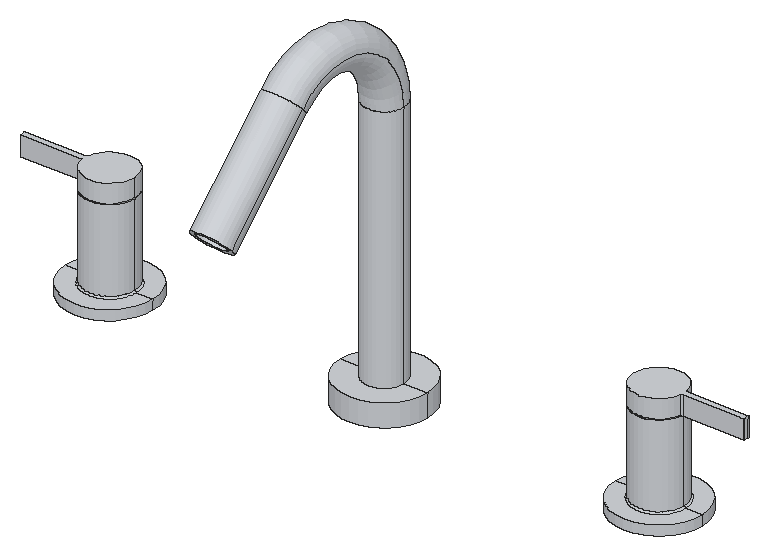
Revit family "Faucet-Deck_Mount-Bath-KOHLER-STILLNESS-K-954T_1", category Plumbing Fixtures, host Face, Revit 2017
Family settings
  Host = Face
  Round Connector Dimension = Use Diameter
  Part Type = Normal
  OmniClass Number = 23.31.11.00
  OmniClass Title = Faucets
  Cut with Voids When Loaded = No
  Shared = No
  Room Calculation Point = No
Parameters (values of type "CP-Polished Chrome")
  Width [instance] = Faucet Hole Spacing  # 17 83/256"
  WaterSense Certified = 1 = 0  # no
  Waste Water Outlet = "Waste Water Outlet"  # constant formula
  Waste Connection = 1 = 0  # no
  Vent Connection = 1 = 0  # no
  URL = "http://www.kohler.com.cn/"
  Type = 1
  Spout Reach = 6 203/256"  # constant formula
  Product Page URL = "https://www.kohler.com.cn/product/K-954T-4-CP/K-954T-4-CP/"
  Product Name = "STILLNESS"  # constant formula
  Product Documentation Link = "https://files.kohler.com.cn/pdfs/1535707749752_1060267-2_C1%20954T.pdf"
  Pressure = 0.00 psi
  Model = "K-954T-4-CP"  # constant formula
  Material = "Premium Metal Construction"  # constant formula
  Master Format 2014 Name = "Residential Faucets, Supplies, and Trim"  # constant formula
  Master Format 2014 = "22 41 39"  # constant formula
  Manufacturer Address = "Kohler Beijing Office (100016) 36-2-03-B, No. 88, Liuxiang Road, Beijing"  # constant formula
  Manufacturer = "KOHLER Co."  # constant formula
  Length = Spout Reach  # 6 203/256"
  Hot Water Inlet = "Hot Water Inlet"  # constant formula
  Height = 11 127/256"  # constant formula
  Handle Clearance = 2 193/256"  # constant formula
  HW Connection = 1 = 1  # yes
  Flow Rate = 0 GPM
  Finish = Kohler-Metal-CP-Polished_Chrome
  Faucet Hole Spacing [instance] = 17 83/256"
  Environmental Product Declaration = ""
  Drain Included = 1 = 0  # no
  Description = "Bathtub Faucet"  # constant formula
  Default Elevation = 36"
  Declare Label = ""
  Date Modified = "03/09/2021"  # constant formula
  Date Created = "03/09/2021"  # constant formula
  Copyright = "Copyright KOHLER Co."  # constant formula
  Contact Us = "http://www.kohler.com.cn/contact/contact-us/"
  Cold Water Inlet = "Cold Water Inlet"  # constant formula
  CW Connection = 1 = 1  # yes
  Assembly Code = "D2010"
  ADA Compliant = 1 = 0  # no
Reference planes (in)
  plane 1 "Center (Front/Back)": y = 0
  plane 2: z = 0
  plane 3 "Center (Left/Right)": x = 0
  plane 4: y = 1.37345
  plane 5: y = -1.37345
  plane 6: y = 0.62508
  plane 7: y = -0.62508
  plane 8: z = 0.71
  plane 9: z = 7.44094
  plane 10: y = -6.79297
  plane 11: z = 11.49609
  plane 12: x = -1.375
  plane 13: x = 1.375
  plane 14: x = -0.62561
  plane 15: x = 0.62508
  plane 16: y = -7.22965
  plane 17: x = -8.66211
  plane 18: x = 8.66211
  plane 19: x = -11.41602
  plane 20: x = -7.87223
  plane 21: x = -10.03573
  plane 22: x = -9.45199
  plane 23: x = -7.28849
  plane 24: z = 0.31
  plane 25: z = 3.54331
  plane 26: x = 11.41602
  plane 27: x = 7.87361
  plane 28: x = 10.03711
  plane 29: x = 9.45061
  plane 30: x = 7.28711
  plane 31: y = 0.7885
  plane 32: y = -0.7885
Dimensions and locks (in)
  "Spout Reach": plane 1 "Center (Front/Back)" to plane 10
  "Height": plane 11 to level
  "Faucet Hole Spacing": plane 17 to plane 18
  "Handle Clearance": plane 19 to plane 17
  "Handle Clearance": plane 18 to plane 26
  equal spacing: plane 17, plane 3 "Center (Left/Right)", plane 18
  plane 23 to plane 21 = 2.74723"
  locked: plane 28 to plane 30 at 2.75
  locked: plane 20 to plane 22 at 1.577
  locked: plane 29 to plane 27 at 1.577
  equal spacing: plane 23, plane 17, plane 21
  equal spacing: plane 20, plane 17, plane 22
  equal spacing: plane 30, plane 18, plane 28
  equal spacing: plane 29, plane 18, plane 27
  level to plane 9 = 7.44094"
  "Length": plane 10 to plane 1 "Center (Front/Back)"
  aligned and locked: plane 2 to host face
  aligned and locked: level to host face
  aligned and locked: plane 17 to nested 2
  aligned and locked: nested 3 to plane 18
Automatic sketch dimensions
  host sketch curve to host sketch curve = 96"  (x2)
Nested families (in)
  nested 1: "K-954T" at (0, 0, 0), type "K-954T"
  nested 2: "K-954T_Handle" at (-8.66211, 0, 0), type "K-954T_Handle"
  nested 3: "K-954T_Handle" at (8.66211, 0, 0) x (-1, 0, 0) z (0, 0, 1), type "K-954T_Handle"
Connectors (in)
  piping at (-8.66211, 0, 0), diameter 0.5, driven by "HW Connection", driven by "Hot Water Inlet", driven by "Flow Rate"
    settings: on nested 2, index 1, connector inside diameter 24", connector length 0", flow factor 0, pipe flow 0 GPM, pressure drop 0.00 psi, fitting loss kfactor 0, connector angle 0.00°, fixture units 0, engagement length 0", angle of deflection 0.00°, flow configuration 0, flow direction 1, fitting loss method 0, system type 19, joint type 0, gender type 0, connector reference index -1, connector utility 1, adjustable connector no, is connector primary yes, connector description "Hot Water Inlet"
  piping at (8.66211, 0, 0), diameter 0.5, driven by "CW Connection", driven by "Cold Water Inlet", driven by "Flow Rate"
    settings: on nested 3, index 2, connector inside diameter 24", connector length 0", flow factor 0, pipe flow 0 GPM, pressure drop 0.00 psi, fitting loss kfactor 0, connector angle 0.00°, fixture units 0, engagement length 0", angle of deflection 0.00°, flow configuration 0, flow direction 1, fitting loss method 0, system type 20, joint type 0, gender type 0, connector reference index -1, connector utility 1, adjustable connector no, is connector primary no, connector description "Cold Water Inlet"
Definition of nested family "K-954T"
  Parameters (values of type "K-954T")
    Material = none
  Reference planes (in)
    plane 1 "Center (Front/Back)": y = 0
    plane 2: z = 0
    plane 3 "Center (Left/Right)": x = 0
    plane 4: x = -1.375
    plane 5: x = 1.375
    plane 6: z = 0.71
    plane 7: z = 11.49606
    plane 8: x = -0.62561
    plane 9: x = 0.62508
    plane 10: z = 7.44094
    plane 11: y = -6.79289
    plane 12: y = 1.37345
    plane 13: y = -1.37345
    plane 14: y = 0.62508
    plane 15: y = -7.22965
    plane 16: y = -0.62508
  Forms (in)
    Revolve 1, solid, material <- "Material", detail levels medium+fine
      sketch origin (0, 0, 0) x (1, 0, 0) y (0, 0, 1)
        loop
          line (0, 0) -> (1.375, 0) -> (1.375, 0.71) -> (0, 0.71) -> (0, 0)
        axis (0, 0.71) -> (0, 0)
      angle from 0 to 360
    Sweep 2, solid, material <- "Material", detail levels medium+fine
      path origin (0, 0, 0) x (0, 1, 0) y (0, 0, 1)
        loop
          line (0, 0.71) -> (0, 8.51524)
          arc (0, 8.51524) -> (-1.43375, 10.6743) -> (-3.97993, 10.19044) r 2.34252
          line (-3.97993, 10.19044) -> (-6.79289, 7.44094)
      profile origin (0, 0, 4.61262) x (0, -1, 0) y (1, 0, 0)
        loop
          circle (0, 0) r 0.62508
    Revolve 3, solid, material <- "Material", detail levels coarse
      sketch origin (0, 0, 0) x (0, 1, 0) y (0, 0, 1)
        loop
          line (0, 0) -> (0, 0.7937) -> (-1.48913, 0.7937) -> (-1.48913, 0) -> (0, 0)
        axis (0, 0.7937) -> (0, 0)
      angle from 0 to 360
    Sweep 4, solid, material <- "Material", detail levels coarse
      path origin (0, 0, 0) x (0, 1, 0) y (0, 0, 1)
        loop
          line (0, 0.71) -> (0, 8.38429)
          arc (0, 8.38429) -> (-1.46748, 10.59415) -> (-4.07357, 10.09891) r 2.39764
          line (-4.07357, 10.09891) -> (-6.79289, 7.44094)
      profile origin (0, 0, 4.54715) x (0, -1, 0) y (1, 0, 0)
        loop
          circle (0, 0) r 0.66205
    Extrusion 5, void
      sketch origin (0, 4.10156, 5.98627) x (1, 0, 0) y (0, -0.701687, 0.712485)
        loop
          circle (0, 8.70452) r 0.49097
      from 5.14276 to 7.85777
  Cuts and joins
    Extrusion 5 cuts Sweep 2
    Extrusion 5 cuts Sweep 4
  Lines and regions (in)
    Masking region 1
      outline origin (0, 0, 0) x (0, 1, 0) y (0, 0, 1)
        loop
          line (1.375, 0) -> (1.375, 0.71) -> (0.62508, 0.71) -> (0.62508, 8.58402)
          arc (0.62508, 8.58402) -> (0.27677, 9.90678) -> (-0.62508, 10.93522) r 2.98448
          arc (-0.62508, 10.93522) -> (-1.39881, 11.33376) -> (-2.25387, 11.49606) r 3.03185
          arc (-2.25387, 11.49606) -> (-3.45916, 11.28588) -> (-4.46544, 10.58994) r 2.85161
          line (-4.46544, 10.58994) -> (-7.22981, 7.88796) -> (-6.35596, 6.99393) -> (-3.54081, 9.74557)
          arc (-3.54081, 9.74557) -> (-1.68693, 10.1049) -> (-0.62508, 8.54333) r 1.71626
          line (-0.62508, 8.54333) -> (-0.62508, 0.71) -> (-1.375, 0.71) -> (-1.375, 0) -> (0, 0) -> (1.375, 0)
    Masking region 2
      outline origin (0, 0, 0) x (1, 0, 0) y (0, 0, 1)
        loop
          line (1.375, 0) -> (1.375, 0.71) -> (0.62508, 0.71) -> (0.62508, 10.87072)
          arc (0.62508, 10.87072) -> (0.442, 11.31272) -> (0, 11.4958) r 0.62508
          arc (0, 11.4958) -> (-0.442, 11.31272) -> (-0.62508, 10.87072) r 0.62508
          line (-0.62508, 10.87072) -> (-0.62508, 0.71) -> (-1.375, 0.71) -> (-1.375, 0) -> (1.375, 0)
    Masking region 3
      outline origin (0, 0, 0) x (1, 0, 0) y (0, 1, 0)
        loop
          arc (1.375, 0) -> (0, 1.375) -> (-1.375, 0) r 1.375
          arc (-1.375, 0) -> (-1.17263, -0.71803) -> (-0.62508, -1.2247) r 1.375
          line (-0.62508, -1.2247) -> (-0.62508, -6.79289)
          spline (-0.62508, -6.79289) -> (-0.60378, -6.90597) -> (-0.54134, -7.01135) -> (-0.442, -7.10184) -> (-0.31254, -7.17128) -> (-0.16178, -7.21493) -> (0, -7.22981) -> (0.16178, -7.21493) -> (0.31254, -7.17128) -> (0.442, -7.10184) -> (0.54134, -7.01135) -> (0.60378, -6.90597) -> (0.62508, -6.79289)
          line (0.62508, -6.79289) -> (0.62508, -1.2247)
          arc (0.62508, -1.2247) -> (1.17263, -0.71803) -> (1.375, 0) r 1.375
    symbolic lines, detail levels medium+fine
      curve 1: arc (-0.62508, 0, 0) -> (0, 0.62508, 0) -> (0.62508, 0, 0) r 0.62508
      curve 2: line (-0.62508, 0, 0) -> (-0.62508, -1.2247, 0)
      curve 3: line (0.62508, 0, 0) -> (0.62508, -1.2247, 0)
      curve 4: spline (-0.62508, -4.02274, 0) -> (-0.60379, -4.13732, 0) -> (-0.54135, -4.24409, 0) -> (-0.44201, -4.33577, 0) -> (-0.31255, -4.40613, 0) -> (-0.16179, -4.45035, 0) -> (0, -4.46544, 0) -> (0.16179, -4.45035, 0) -> (0.31255, -4.40613, 0) -> (0.44201, -4.33577, 0) -> (0.54135, -4.24409, 0) -> (0.60379, -4.13732, 0) -> (0.62508, -4.02274, 0)
      curve 5: line (1.375, 0, 0.71) -> (-1.375, 0, 0.71)
      curve 6: spline (-0.62508, 0, 7.44094) -> (-0.60378, 0, 7.32525) -> (-0.54134, 0, 7.21744) -> (-0.442, 0, 7.12486) -> (-0.31254, 0, 7.05382) -> (-0.16178, 0, 7.00916) -> (0, 0, 6.99393) -> (0.16178, 0, 7.00916) -> (0.31254, 0, 7.05382) -> (0.442, 0, 7.12486) -> (0.54134, 0, 7.21744) -> (0.60378, 0, 7.32525) -> (0.62508, 0, 7.44094)
      curve 7: spline (0.62508, 0, 7.44094) -> (0.60378, 0, 7.55664) -> (0.54134, 0, 7.66445) -> (0.442, 0, 7.75703) -> (0.31254, 0, 7.82807) -> (0.16178, 0, 7.87273) -> (0, 0, 7.88796) -> (-0.16178, 0, 7.87273) -> (-0.31254, 0, 7.82807) -> (-0.442, 0, 7.75703) -> (-0.54134, 0, 7.66445) -> (-0.60378, 0, 7.55664) -> (-0.62508, 0, 7.44094)
      curve 8: spline (-0.62508, 0, 10.14859) -> (-0.60379, 0, 10.26282) -> (-0.54135, 0, 10.36926) -> (-0.44201, 0, 10.46067) -> (-0.31255, 0, 10.53081) -> (-0.16179, 0, 10.5749) -> (0, 0, 10.58994) -> (0.16179, 0, 10.5749) -> (0.31255, 0, 10.53081) -> (0.44201, 0, 10.46067) -> (0.54135, 0, 10.36926) -> (0.60379, 0, 10.26282) -> (0.62508, 0, 10.14859)
      curve 9: spline (-0.48063, 0, 7.44094) -> (-0.46425, 0, 7.35988) -> (-0.41624, 0, 7.28434) -> (-0.33986, 0, 7.21947) -> (-0.24032, 0, 7.1697) -> (-0.1244, 0, 7.13841) -> (0, 0, 7.12773) -> (0.1244, 0, 7.13841) -> (0.24032, 0, 7.1697) -> (0.33986, 0, 7.21947) -> (0.41624, 0, 7.28434) -> (0.46425, 0, 7.35988) -> (0.48063, 0, 7.44094) -> (0.46425, 0, 7.52201) -> (0.41624, 0, 7.59755) -> (0.33986, 0, 7.66242) -> (0.24032, 0, 7.71219) -> (0.1244, 0, 7.74348) -> (0, 0, 7.75416) -> (-0.1244, 0, 7.74348) -> (-0.24032, 0, 7.71219) -> (-0.33986, 0, 7.66242) -> (-0.41624, 0, 7.59755) -> (-0.46425, 0, 7.52201) -> (-0.48063, 0, 7.44094)
      curve 10: spline (-0.62508, 0, 7.88481) -> (-0.60379, 0, 7.99904) -> (-0.54135, 0, 8.10548) -> (-0.44201, 0, 8.19689) -> (-0.31255, 0, 8.26703) -> (-0.16179, 0, 8.31112) -> (0, 0, 8.32616) -> (0.16179, 0, 8.31112) -> (0.31255, 0, 8.26703) -> (0.44201, 0, 8.19689) -> (0.54135, 0, 8.10548) -> (0.60379, 0, 7.99904) -> (0.62508, 0, 7.88481)
      curve 11: line (0, 1.375, 0.71) -> (0, 0, 0.71)
      curve 12: line (0, 0, 0.71) -> (0, -1.375, 0.71)
      curve 13: line (0, -6.63861, 8.46582) -> (0, -5.75456, 7.58176)
  Dimensions and locks (in)
    plane 4 to plane 5 = 2 3/4"
    plane 1 "Center (Front/Back)" to plane 11 = 6.79289"
    plane 10 to level = 7.44094"
    level to plane 7 = 11.49606"
    aligned and locked: level to plane 2
Definition of nested family "K-954T_Handle"
  Parameters (values of type "K-954T_Handle")
    Material = none
  Reference planes (in)
    plane 1 "Center (Front/Back)": y = 0
    plane 2: z = 0
    plane 3 "Center (Left/Right)": x = 0
    plane 4: z = 3.54331
    plane 5: x = -1.375
    plane 6: x = -0.7885
    plane 7: x = 1.375
    plane 8: x = 0.7885
    plane 9: z = 0.31
    plane 10: z = 2.93969
    plane 11: x = -2.75481
    plane 12: y = 1.375
    plane 13: y = 0.7885
    plane 14: y = -1.375
    plane 15: y = -0.7885
  Forms (in)
    Revolve 1, solid, material <- "Material", detail levels medium+fine
      sketch origin (0, 0, 0) x (1, 0, 0) y (0, 0, 1)
        loop
          line (0, 0) -> (1.375, 0) -> (1.375, 0.31) -> (0.83574, 0.31)
          arc (0.83574, 0.31) -> (0.80234, 0.32384) -> (0.7885, 0.35724) r 0.04724
          line (0.7885, 0.35724) -> (0.7885, 2.93969) -> (0.75733, 2.93969)
          arc (0.75733, 2.93969) -> (0.77636, 2.94568) -> (0.7885, 2.96151) r 0.03317
          line (0.7885, 2.96151) -> (0.7885, 3.54331) -> (0, 3.54331) -> (0, 0)
        axis (0, 3.54331) -> (0, 0)
      angle from 0 to 360
    Extrusion 2, solid, material <- "Material", detail levels medium+fine
      sketch origin (0, 0, 0) x (1, 0, 0) y (0, 1, 0)
        loop
          line (-0.83496, 0.091) -> (-2.73434, 0.091)
          arc (-2.73434, 0.091) -> (-2.74852, 0.08513) -> (-2.75439, 0.07095) r 0.02005
          line (-2.75439, 0.07095) -> (-2.75439, -0.07073)
          arc (-2.75439, -0.07073) -> (-2.74845, -0.08506) -> (-2.73412, -0.091) r 0.02027
          line (-2.73412, -0.091) -> (-0.83496, -0.091)
          arc (-0.83496, -0.091) -> (-0.79648, -0.10496) -> (-0.77591, -0.14034) r 0.06
          line (-0.77591, -0.14034) -> (-0.77591, 0.14034)
          arc (-0.77591, 0.14034) -> (-0.79648, 0.10496) -> (-0.83496, 0.091) r 0.06
      from 2.93969 to 3.54331
    Revolve 3, solid, material <- "Material", detail levels coarse
      sketch origin (0, 0, 0) x (0, 1, 0) y (0, 0, 1)
        loop
          line (0, 0) -> (1.3989, 0) -> (1.3989, 0.33804) -> (0.80835, 0.33804) -> (0.80835, 3.58286) -> (0, 3.58286) -> (0, 0)
        axis (0, 3.58286) -> (0, 0)
      angle from 0 to 360
    Extrusion 4, solid, material <- "Material", detail levels coarse
      sketch origin (0, 0, 0) x (1, 0, 0) y (0, 0, 1)
        loop
          line (-0.75733, 3.58286) -> (-2.80613, 3.58286) -> (-2.80613, 2.93969) -> (-0.75733, 2.93969) -> (-0.75733, 3.58286)
      from -0.11909 to 0.091
    Extrusion 5, solid, material <- "Material"
      sketch origin (0, 0, 0) x (1, 0, 0) y (0, 1, 0)
        loop
          circle (0, 0) r 0.1274
      from 0 to 0.09749
  Cuts and joins
    joined: Revolve 1, Extrusion 2
    joined: Revolve 3, Extrusion 4
  Lines and regions (in)
    Masking region 1
      outline origin (0, 0, 0) x (1, 0, 0) y (0, 0, 1)
        loop
          line (1.375, 0) -> (1.375, 0.31) -> (0.82747, 0.31)
          arc (0.82747, 0.31) -> (0.79954, 0.32597) -> (0.7885, 0.35618) r 0.04684
          line (0.7885, 0.35618) -> (0.7885, 3.54331) -> (-2.75439, 3.54331) -> (-2.75439, 2.93969) -> (-0.7885, 2.93969) -> (-0.7885, 0.35648)
          arc (-0.7885, 0.35648) -> (-0.79953, 0.32615) -> (-0.82747, 0.31) r 0.04721
          line (-0.82747, 0.31) -> (-1.375, 0.31) -> (-1.375, 0) -> (1.375, 0)
    Masking region 2
      outline origin (0, 0, 0) x (0, 1, 0) y (0, 0, 1)
        loop
          line (1.375, 0) -> (1.375, 0.31) -> (0.83343, 0.31)
          arc (0.83343, 0.31) -> (0.80338, 0.3218) -> (0.7885, 0.35045) r 0.04597
          line (0.7885, 0.35045) -> (0.7885, 2.93969) -> (0.75733, 2.93969)
          arc (0.75733, 2.93969) -> (0.77636, 2.94568) -> (0.7885, 2.96151) r 0.03317
          line (0.7885, 2.96151) -> (0.7885, 3.54331) -> (0, 3.54331) -> (-0.7885, 3.54331) -> (-0.7885, 2.96151)
          arc (-0.7885, 2.96151) -> (-0.77636, 2.94568) -> (-0.75733, 2.93969) r 0.03317
          line (-0.75733, 2.93969) -> (-0.7885, 2.93969) -> (-0.7885, 0.35045)
          arc (-0.7885, 0.35045) -> (-0.80338, 0.3218) -> (-0.83343, 0.31) r 0.04597
          line (-0.83343, 0.31) -> (-1.375, 0.31) -> (-1.375, 0) -> (0, 0) -> (1.375, 0)
    Masking region 3
      outline origin (0, 0, 0) x (1, 0, 0) y (0, 1, 0)
        loop
          arc (1.375, 0) -> (0.04552, 1.37425) -> (-1.37199, 0.091) r 1.375
          line (-1.37199, 0.091) -> (-2.73434, 0.091)
          arc (-2.73434, 0.091) -> (-2.74852, 0.08513) -> (-2.75439, 0.07095) r 0.02005
          line (-2.75439, 0.07095) -> (-2.75439, -0.07095)
          arc (-2.75439, -0.07095) -> (-2.74852, -0.08513) -> (-2.73434, -0.091) r 0.02005
          line (-2.73434, -0.091) -> (-1.37199, -0.091)
          arc (-1.37199, -0.091) -> (0.04552, -1.37425) -> (1.375, 0) r 1.375
    symbolic lines, detail levels medium+fine
      curve 1: line (-0.83496, 0.091, 0) -> (-1.37199, 0.091, 0)
      curve 2: arc (-0.77591, 0.14032, 0) -> (-0.79649, 0.10495, 0) -> (-0.83496, 0.091, 0) r 0.06
      curve 3: arc (0.7885, 0, 0) -> (0.07044, 0.78535, 0) -> (-0.77591, 0.14032, 0) r 0.7885
      curve 4: line (-0.83496, -0.091, 0) -> (-1.37199, -0.091, 0)
      curve 5: arc (-0.77591, -0.14032, 0) -> (-0.79649, -0.10495, 0) -> (-0.83496, -0.091, 0) r 0.06
      curve 6: arc (0.7885, 0, 0) -> (0.07044, -0.78535, 0) -> (-0.77591, -0.14032, 0) r 0.7885
      curve 7: line (1.375, 0, 0.31) -> (-1.375, 0, 0.31)
      curve 8: line (-0.7885, 0, 0.35045) -> (0.7885, 0, 0.35045)
      curve 9: line (0.7885, 0, 2.93969) -> (-0.7885, 0, 2.93969)
      curve 10: line (-0.7885, 0, 2.93969) -> (-0.7885, 0, 3.54331)
      curve 11: line (0, 1.375, 0.31) -> (0, 0, 0.31)
      curve 12: line (0, 0, 0.31) -> (0, -1.375, 0.31)
      curve 13: line (0, 0.7885, 0.35045) -> (0, -0.7885, 0.35045)
      curve 14: line (0, 0.7885, 2.93969) -> (0, 0, 2.93969)
      curve 15: line (0, 0, 2.93969) -> (0, -0.7885, 2.93969)
      curve 16: line (0, 0.091, 3.54331) -> (0, 0.091, 2.93969)
      curve 17: line (0, -0.091, 3.54331) -> (0, -0.091, 2.93969)
      curve 18: line (0, 0.7885, 2.96151) -> (0, 0.091, 2.96151)
      curve 19: line (0, -0.7885, 2.96151) -> (0, -0.091, 2.96151)
      curve 20: arc (-0.75733, 0, 2.93969) -> (-0.77622, 0, 2.94572) -> (-0.78822, 0, 2.96151) r 0.03291
      curve 21: line (-0.78822, 0, 2.96151) -> (0.7885, 0, 2.96151)
      curve 22: arc (0.7885, 0, 2.96151) -> (0.77713, 0, 2.94647) -> (0.75954, 0, 2.93969) r 0.03438
  Dimensions and locks (in)
    plane 5 to plane 7 = 2 3/4"
    plane 4 to level = 3.54331"
    plane 11 to plane 8 = 3.54331"
    aligned and locked: level to plane 2
